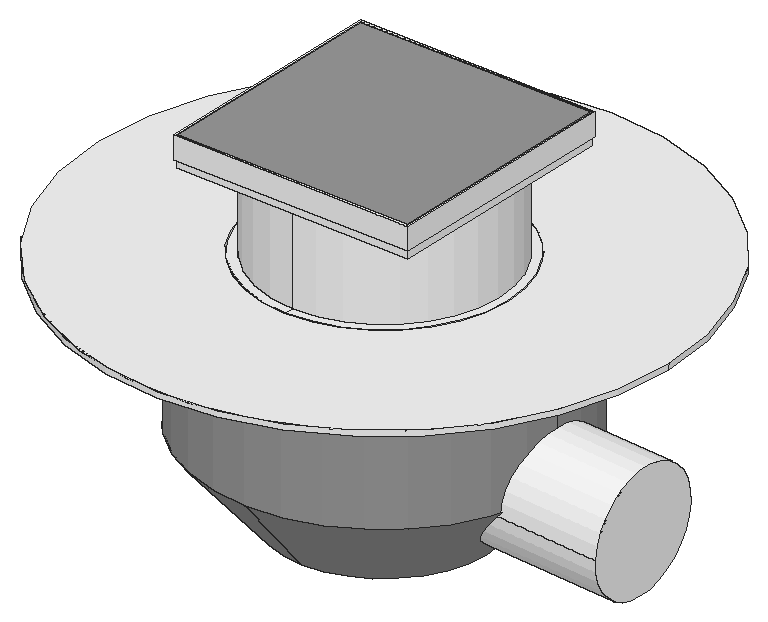
Revit family "HL_RU_Roof drain_HL64BP-B-221103", category Instalační zařizovací předměty, Revit 2021
Family settings
  Kóta kulaté spojky = Použít průměr
  Typ dílu = Normální
  Číslo OmniClass = 23.70.50.21.24.14
  Nadpis OmniClass = Deck Waste Water Drains
  Založené na pracovní rovině = Ne
  Vždy vertikální = Ano
  Ořezat dutým tvarem při načtení = Ne
  Sdílené = Ne
  Bod výpočtu místnosti = Ano
Parameters (values of type "HL_Кровельная воронка_HL64BP_7")
  РЕШЁТКА = "Edelstahl 137x137mm"
  РАЗМЕР = "DN75"
  ПРОПУСКНАЯ СПОСОБНОСТЬ [instance] = 0.0 L/s
  ПРОИЗВОДИТЕЛЬНОСТЬ = "3,7 l/s"
  ПРАВОВАЯ ИНФОРМАЦИЯ = "Авторские права(©), права на дизайн или какие либо другие права интелектуальной собственности являются исключительной собственностью компании HL Hutterer & Lechner. Изменению не подлежит. Файл семейства с данными о прозводителе изделия защищен паролем с водяным знаком."
  НОМИНАЛЬНЫЙ ДИАМЕТР = 75 mm
  НАСАДКА = "19-65mm/148x148mm"
  МАТЕРИАЛ = "PVC"
  МАКСИМАЛЬНАЯ НАГРУЗКА КЛАССА = "K - 300 kg"
  ВЕС = "1,75 [kg]"
  Výchozí výška = 0 mm
  Výrobce = "HL Hutterer & Lechner GmbH"  # constant formula
  URL = "http://www.hutterer-lechner.com/ru/products/catalog/roof-drains/HL64BP/7.aspx"
  Материал плитка [instance] = none
  Přípoj ventilace = no
  Přípoj odpadních dílů = yes
  Přípoj HW = no
  Přípoj CW = no
  Popis = "Кровельные воронки"
  Model = "HL64BP_7"
  Assembly Code = " "
  Komentáře k typům = "HL64BP/7 Кровельная воронка DN75 для эксплуатируемой кровли, горизонтальный выпуск, с ПВХ_фланцем,"
  Keynote = "HL64BP_7"
  EAN = "9003076031481"
  Bысота монтажа [instance] = 65 mm  # constant formula
  G [instance] = 90.00°  # constant formula
  D [instance] = if(НОМИНАЛЬНЫЙ ДИАМЕТР = 75 mm, 162.8 mm, 178 mm)  # 162.8 mm
  C [instance] = if(Bысота монтажа - 68 mm < 0 mm, 0 mm, Bысота монтажа - 68 mm)  # 0 mm
  B [instance] = Bысота монтажа + if(НОМИНАЛЬНЫЙ ДИАМЕТР = 75 mm, 109 mm, 92 mm)  # 174 mm
  A [instance] = if(B - 100 mm > 15 mm, B - 100 mm, 15 mm)  # 74 mm
Types (3, lengths in mm): name | РАЗМЕР | НОМИНАЛЬНЫЙ ДИАМЕТР | ВЕС | URL | Model | Komentáře k typům | Keynote | EAN | D | B | A
  (no name) | "DN110" | 110 | "1,34 [kg]" | "http://www.hutterer-lechner.com/ru/products/catalog/roof-drains/HL64BP/1.aspx" | "HL64BP_1" | "HL64BP/1 Кровельная воронка DN110 для эксплуатируемой кровли, горизонтальный выпуск, с ПВХ_фланцем," | "HL64BP_1" | "9003076031504" | 178 | 157 | 57
  HL_Кровельная воронка_HL64BP_1 | "DN110" | 110 | "1,34 [kg]" | "http://www.hutterer-lechner.com/ru/products/catalog/roof-drains/HL64BP/1.aspx" | "HL64BP_1" | "HL64BP/1 Кровельная воронка DN110 для эксплуатируемой кровли, горизонтальный выпуск, с ПВХ_фланцем," | "HL64BP_1" | "9003076031504" | 178 | 157 | 57
  HL_Кровельная воронка_HL64BP_7 | "DN75" | 75 | "1,75 [kg]" | "http://www.hutterer-lechner.com/ru/products/catalog/roof-drains/HL64BP/7.aspx" | "HL64BP_7" | "HL64BP/7 Кровельная воронка DN75 для эксплуатируемой кровли, горизонтальный выпуск, с ПВХ_фланцем," | "HL64BP_7" | "9003076031481" | 162.8 | 174 | 74
Reference planes
  plane 1 "Center (Front/Back)": y = 0
  plane 2: z = 0
  plane 3 "Center (Left/Right)": x = 0
  plane 4: z = -174
  plane 5: z = -65
Lines and regions (mm)
  model lines, style "InvisibleLines"
    curve 1: line (0, 0, 0) -> (0, 0, 20)
  model lines, style "PlumbingFixtures", detail levels coarse+medium
    curve 2: line (0, 0, -174) -> (0, 0, -100)
    curve 3: line (0, 0, -100) -> (-100, 0, 0)
    curve 4: line (0, 0, -100) -> (100, 0, 0)
    curve 6: line (0, 0, -174) -> (162.8, 0, -174)
  reference lines, not visible
    curve 5: line (0, 0, -174) -> (162.8, 0, -174)
  symbolic lines, style "PlumbingFixtures", detail levels coarse+medium
    curve 7: line (-75, 75, 0) -> (75, 75, 0)
    curve 8: line (-75, -75, 0) -> (-75, 75, 0)
    curve 9: line (75, -75, 0) -> (-75, -75, 0)
    curve 10: line (75, 75, 0) -> (75, -75, 0)
    curve 11: line (-75, 75, 0) -> (-145.711, 145.711, 0)
    curve 12: line (75, 75, 0) -> (145.711, 145.711, 0)
    curve 13: line (-75, -75, 0) -> (-145.711, -145.711, 0)
    curve 14: line (75, -75, 0) -> (145.711, -145.711, 0)
  symbolic lines, style "PlumbingFixtures", not visible, detail levels coarse+medium
    curve 15: line (-75, 75, 0) -> (75, 75, 0)
    curve 16: line (-75, -75, 0) -> (-75, 75, 0)
    curve 17: line (75, -75, 0) -> (-75, -75, 0)
    curve 18: line (75, 75, 0) -> (75, -75, 0)
    curve 19: line (-75, 75, 0) -> (-145.711, 145.711, 0)
    curve 20: line (75, 75, 0) -> (145.711, 145.711, 0)
    curve 21: line (-75, -75, 0) -> (-145.711, -145.711, 0)
    curve 22: line (75, -75, 0) -> (145.711, -145.711, 0)
Text (mm)
  text "FLOOR" at (-162.344, 0, -10.979), in view "Drain Construction View"
Dimensions and locks
  "B": plane 2 to plane 4
  "Bысота монтажа": plane 2 to plane 5
  "A": curve 4 to plane 4
  "D": curve 5 to curve 5
  "D": curve 6 to curve 6
  locked: plane 5 to nested 2 at 8
  locked: curve 4 to plane 3 "Center (Left/Right)" (angle 45.00°)
  locked: plane 3 "Center (Left/Right)" to curve 3 (angle 45.00°)
  "G": angle curve 5 to plane 3 "Center (Left/Right)"
  aligned and locked: level to plane 2
  aligned and locked: plane 2 to curve 4
  aligned and locked: plane 2 to curve 3
  aligned and locked: plane 4 to curve 5
  aligned and locked: plane 3 "Center (Left/Right)" to curve 5
  aligned and locked: plane 4 to curve 2
  aligned and locked: plane 3 "Center (Left/Right)" to curve 6
  aligned and locked: plane 4 to curve 6
  aligned and locked: plane 2 to nested 1
  aligned and locked: plane 3 "Center (Left/Right)" to nested 1
Automatic sketch dimensions
  curve 2 to plane 3 "Center (Left/Right)" = 0 mm
  curve 1 to plane 3 "Center (Left/Right)" = 0 mm
  curve 1 to level = 0 mm
  level to curve 1 = 20 mm
Nested families
  nested 1: "HL_Насадка_HL66.9S" at (0, 0, 0), Bысота монтажа <- "Bысота монтажа", type "HL_Grate frame_HL66.9S"
    with L 93 mm, IHmin 12 mm, IHmax 65 mm, Bысота монтажа 65 mm
  nested 2: "HL_кровельные воронки - корпус_HL64P" at (0, 0, -73), НОМИНАЛЬНЫЙ ДИАМЕТР <- "НОМИНАЛЬНЫЙ ДИАМЕТР", type "HL_кровельные воронки - корпус_HL64P"
    with НОМИНАЛЬНЫЙ ДИАМЕТР 75 mm, L 164 mm, B 101.3 mm, A 92.3 mm
Connectors
  piping at (162.8, 0, -174), diameter 75, driven by "ПРОПУСКНАЯ СПОСОБНОСТЬ", driven by "НОМИНАЛЬНЫЙ ДИАМЕТР"
    settings: on curve 5, index 1, connector inside diameter 609.6 mm, connector length 0 mm, flow factor 0, pipe flow 0.0 L/s, pressure drop 0.0 Pa, fitting loss kfactor 0, connector angle 0.00°, fixture units 0, engagement length 0 mm, angle of deflection 0.00°, flow configuration 1, flow direction 2, fitting loss method 0, system type 16, joint type 0, gender type 0, connector reference index -1, connector utility 0, adjustable connector yes, is connector primary yes, connector description ""
Definition of nested family "HL_Насадка_HL66.9S"
  Parameters (values of type "HL_Grate frame_HL66.9S")
    РЕШЁТКА = "Edelstahl 138x138mm"
    РАЗМЕР = "d 145 mm"
    ПРАВОВАЯ ИНФОРМАЦИЯ = "Авторские права(©), права на дизайн или какие либо другие права интелектуальной собственности являются исключительной собственностью компании HL Hutterer & Lechner. Изменению не подлежит. Файл семейства с данными о прозводителе изделия защищен паролем с водяным знаком."
    НАСАДКА = "147x147mm"
    МАТЕРИАЛ = "PP"
    МАКСИМАЛЬНАЯ НАГРУЗКА КЛАССА = "K - 300 kg"
    ВЫСОТА МОНТАЖА = "12-65mm"
    Материал плитка = none
    ВЕС = "0,345 [kg]"
    Default Elevation = 0 mm
    L [instance] = if(Bысота монтажа < IHmin, -100 mm, if(Bысота монтажа > IHmax, -100 mm, Bысота монтажа + 28 mm))  # 93 mm
    Manufacturer = "HL Hutterer & Lechner GmbH"
    URL = "http://www.hutterer-lechner.com/ru/products/catalog/roof-drains/HL66.9.aspx"
    Description = "Кровельные воронки"
    Model = "HL66.9"
    Type Comments = "HL66.9, Насадка d 145мм с бороздками/147х147мм/138х138мм"
    Keynote = "HL66.9"
    Bысота монтажа [instance] = 65 mm
    IHmin [instance] = 12 mm
    IHmax [instance] = 65 mm
    EAN = "9003076014606"
    Cost = 0
  Reference planes
    plane 1 "Střed (vpředu/vzadu)": y = 0
    plane 2: z = 0
    plane 3 "Střed (vlevo/vpravo)": x = 0
  Forms (mm)
    Revolve 1, solid, detail levels fine
      sketch origin (0, 0, 128) x (0, 1, 0) y (0, 0, 1)
        loop
          line (72.5, -142) -> (69.248, -142) -> (69.248, -221) -> (72.5, -221) -> (72.5, -142)
        axis (0, -142) -> (0, -221)
      angle from 0 to 360
    Extrusion 2, solid, detail levels fine
      sketch origin (-1.537, 0, -14.6) x (0, 1, 0) y (-1, 0, 0)
        loop
          line (74, 72.459) -> (-74, 72.459) -> (-74, -75.537) -> (74, -75.537) -> (74, 72.459)
        loop
          line (73, 71.463) -> (-73, 71.463) -> (-73, -74.537) -> (73, -74.537) -> (73, 71.463)
      from 0.6 to 14.6
    Extrusion 3, solid, detail levels fine
      sketch origin (-1.537, 0, -14) x (-1, 0, 0) y (0, 1, 0)
        loop
          line (71.463, 73) -> (-74.537, 73) -> (-74.537, -73) -> (71.463, -73) -> (71.463, 73)
        loop
          circle (-1.537, 0) r 72.5
      from 0 to 5
    Extrusion 4, solid, detail levels fine
      sketch origin (-1.537, 0, -14) x (-1, 0, 0) y (0, -1, 0)
        loop
          line (70.95, -72.397) -> (70.95, 72.463) -> (-74.05, 72.463) -> (-74.05, -72.397) -> (70.95, -72.397)
      from 0 to 14
    Revolve 5, solid, detail levels fine
      sketch origin (0, 75.989, -93) x (0, -1, 0) y (0, 0, -1)
        loop
          line (3.489, -20) -> (3.489, 0) -> (0.186, 0) -> (-2.325, -2.511) -> (-2.325, -20) -> (3.489, -20)
        axis (75.989, -20) -> (75.989, 0)
      angle from 0 to 360
  Lines and regions (mm)
    model lines, detail levels fine
      curve 1: line (36.25, 24.325, 0) -> (36.25, -24.42, 0)
      curve 2: line (43.75, -24.42, 0) -> (43.75, 24.325, 0)
      curve 3: line (52.25, 40.306, 0) -> (52.25, -40.355, 0)
      curve 4: line (59.75, -40.355, 0) -> (59.75, 40.306, 0)
      curve 5: line (20.25, 8.588, 0) -> (20.25, -8.684, 0)
      curve 6: line (27.75, -8.684, 0) -> (27.75, 8.588, 0)
      curve 7: arc (27.75, 8.588, 0) -> (24, 12.338, 0) -> (20.25, 8.588, 0) r 3.75
      curve 8: arc (20.25, -8.684, 0) -> (24, -12.434, 0) -> (27.75, -8.684, 0) r 3.75
      curve 9: arc (36.25, -24.42, 0) -> (40, -28.17, 0) -> (43.75, -24.42, 0) r 3.75
      curve 10: arc (43.75, 24.325, 0) -> (40, 28.075, 0) -> (36.25, 24.325, 0) r 3.75
      curve 11: arc (59.75, 40.306, 0) -> (56, 44.056, 0) -> (52.25, 40.306, 0) r 3.75
      curve 12: arc (52.25, -40.355, 0) -> (56, -44.105, 0) -> (59.75, -40.355, 0) r 3.75
      curve 13: line (-24.325, -36.25, 0) -> (24.42, -36.25, 0)
      curve 14: line (24.42, -43.75, 0) -> (-24.325, -43.75, 0)
      curve 15: line (-40.306, -52.25, 0) -> (40.355, -52.25, 0)
      curve 16: line (40.355, -59.75, 0) -> (-40.306, -59.75, 0)
      curve 17: line (-8.588, -20.25, 0) -> (8.684, -20.25, 0)
      curve 18: line (8.684, -27.75, 0) -> (-8.588, -27.75, 0)
      curve 19: arc (-8.588, -27.75, 0) -> (-12.338, -24, 0) -> (-8.588, -20.25, 0) r 3.75
      curve 20: arc (8.684, -20.25, 0) -> (12.434, -24, 0) -> (8.684, -27.75, 0) r 3.75
      curve 21: arc (24.42, -36.25, 0) -> (28.17, -40, 0) -> (24.42, -43.75, 0) r 3.75
      curve 22: arc (-24.325, -43.75, 0) -> (-28.075, -40, 0) -> (-24.325, -36.25, 0) r 3.75
      curve 23: arc (-40.306, -59.75, 0) -> (-44.056, -56, 0) -> (-40.306, -52.25, 0) r 3.75
      curve 24: arc (40.355, -52.25, 0) -> (44.105, -56, 0) -> (40.355, -59.75, 0) r 3.75
      curve 25: line (36.25, -24.42, 0) -> (36.25, 24.325, 0)
      curve 26: line (43.75, 24.325, 0) -> (43.75, -24.42, 0)
      curve 27: line (52.25, -40.355, 0) -> (52.25, 40.306, 0)
      curve 28: line (59.75, 40.306, 0) -> (59.75, -40.355, 0)
      curve 29: line (20.25, -8.684, 0) -> (20.25, 8.588, 0)
      curve 30: line (27.75, 8.588, 0) -> (27.75, -8.684, 0)
      curve 31: arc (27.75, -8.588, 0) -> (24, -12.338, 0) -> (20.25, -8.588, 0) r 3.75
      curve 32: arc (20.25, 8.684, 0) -> (24, 12.434, 0) -> (27.75, 8.684, 0) r 3.75
      curve 33: arc (36.25, 24.42, 0) -> (40, 28.17, 0) -> (43.75, 24.42, 0) r 3.75
      curve 34: arc (43.75, -24.325, 0) -> (40, -28.075, 0) -> (36.25, -24.325, 0) r 3.75
      curve 35: arc (59.75, -40.306, 0) -> (56, -44.056, 0) -> (52.25, -40.306, 0) r 3.75
      curve 36: arc (52.25, 40.355, 0) -> (56, 44.105, 0) -> (59.75, 40.355, 0) r 3.75
      curve 37: line (24.42, -36.25, 0) -> (-24.325, -36.25, 0)
      curve 38: line (-24.325, -43.75, 0) -> (24.42, -43.75, 0)
      curve 39: line (40.355, -52.25, 0) -> (-40.306, -52.25, 0)
      curve 40: line (-40.306, -59.75, 0) -> (40.355, -59.75, 0)
      curve 41: line (8.684, -20.25, 0) -> (-8.588, -20.25, 0)
      curve 42: line (-8.588, -27.75, 0) -> (8.684, -27.75, 0)
      curve 43: arc (8.588, -27.75, 0) -> (12.338, -24, 0) -> (8.588, -20.25, 0) r 3.75
      curve 44: arc (-8.684, -20.25, 0) -> (-12.434, -24, 0) -> (-8.684, -27.75, 0) r 3.75
      curve 45: arc (-24.42, -36.25, 0) -> (-28.17, -40, 0) -> (-24.42, -43.75, 0) r 3.75
      curve 46: arc (24.325, -43.75, 0) -> (28.075, -40, 0) -> (24.325, -36.25, 0) r 3.75
      curve 47: arc (40.306, -59.75, 0) -> (44.056, -56, 0) -> (40.306, -52.25, 0) r 3.75
      curve 48: arc (-40.355, -52.25, 0) -> (-44.105, -56, 0) -> (-40.355, -59.75, 0) r 3.75
      curve 49: line (-36.25, 24.325, 0) -> (-36.25, -24.325, 0)
      curve 50: line (-43.75, -24.325, 0) -> (-43.75, 24.325, 0)
      curve 51: line (-52.25, 40.306, 0) -> (-52.25, -40.306, 0)
      curve 52: line (-59.75, -40.306, 0) -> (-59.75, 40.306, 0)
      curve 53: line (-20.25, 8.588, 0) -> (-20.25, -8.588, 0)
      curve 54: line (-27.75, -8.684, 0) -> (-27.75, 8.588, 0)
      curve 55: arc (-27.75, 8.588, 0) -> (-24, 12.338, 0) -> (-20.25, 8.588, 0) r 3.75
      curve 56: arc (-20.25, -8.684, 0) -> (-24, -12.434, 0) -> (-27.75, -8.684, 0) r 3.75
      curve 57: arc (-43.75, 24.325, 0) -> (-40, 28.075, 0) -> (-36.25, 24.325, 0) r 3.75
      curve 58: arc (-59.75, 40.306, 0) -> (-56, 44.056, 0) -> (-52.25, 40.306, 0) r 3.75
      curve 59: line (-36.25, -24.325, 0) -> (-36.25, 24.325, 0)
      curve 60: line (-43.75, 24.325, 0) -> (-43.75, -24.325, 0)
      curve 61: line (-52.25, -40.306, 0) -> (-52.25, 40.306, 0)
      curve 62: line (-59.75, 40.306, 0) -> (-59.75, -40.306, 0)
      curve 63: line (-20.25, -8.588, 0) -> (-20.25, 8.588, 0)
      curve 64: line (-27.75, 8.588, 0) -> (-27.75, -8.684, 0)
      curve 65: arc (-27.75, -8.588, 0) -> (-24, -12.338, 0) -> (-20.25, -8.588, 0) r 3.75
      curve 66: arc (-20.25, 8.684, 0) -> (-24, 12.434, 0) -> (-27.75, 8.684, 0) r 3.75
      curve 67: arc (-36.25, 24.42, 0) -> (-40, 28.17, 0) -> (-43.75, 24.42, 0) r 3.75
      curve 68: arc (-43.75, -24.325, 0) -> (-40, -28.075, 0) -> (-36.25, -24.325, 0) r 3.75
      curve 69: arc (-59.75, -40.306, 0) -> (-56, -44.056, 0) -> (-52.25, -40.306, 0) r 3.75
      curve 70: arc (-52.25, 40.355, 0) -> (-56, 44.105, 0) -> (-59.75, 40.355, 0) r 3.75
      curve 71: line (-24.42, 36.25, 0) -> (24.325, 36.25, 0)
      curve 72: line (24.42, 43.75, 0) -> (-24.42, 43.75, 0)
      curve 73: line (-40.355, 52.25, 0) -> (40.306, 52.25, 0)
      curve 74: line (40.306, 59.75, 0) -> (-40.355, 59.75, 0)
      curve 75: line (-8.588, 20.25, 0) -> (8.588, 20.25, 0)
      curve 76: line (8.684, 27.75, 0) -> (-8.588, 27.75, 0)
      curve 77: arc (-8.588, 27.75, 0) -> (-12.338, 24, 0) -> (-8.588, 20.25, 0) r 3.75
      curve 78: arc (8.684, 20.25, 0) -> (12.434, 24, 0) -> (8.684, 27.75, 0) r 3.75
      curve 79: arc (24.42, 36.25, 0) -> (28.17, 40, 0) -> (24.42, 43.75, 0) r 3.75
      curve 80: line (24.325, 36.25, 0) -> (-24.42, 36.25, 0)
      curve 81: line (-24.42, 43.75, 0) -> (24.42, 43.75, 0)
      curve 82: line (40.306, 52.25, 0) -> (-40.355, 52.25, 0)
      curve 83: line (-40.355, 59.75, 0) -> (40.306, 59.75, 0)
      curve 84: line (8.588, 20.25, 0) -> (-8.588, 20.25, 0)
      curve 85: line (-8.588, 27.75, 0) -> (8.684, 27.75, 0)
      curve 86: arc (8.588, 27.75, 0) -> (12.338, 24, 0) -> (8.588, 20.25, 0) r 3.75
      curve 87: arc (-8.684, 20.25, 0) -> (-12.434, 24, 0) -> (-8.684, 27.75, 0) r 3.75
      curve 88: arc (-24.42, 36.25, 0) -> (-28.17, 40, 0) -> (-24.42, 43.75, 0) r 3.75
      curve 89: arc (24.325, 43.75, 0) -> (28.075, 40, 0) -> (24.325, 36.25, 0) r 3.75
      curve 90: arc (40.306, 59.75, 0) -> (44.056, 56, 0) -> (40.306, 52.25, 0) r 3.75
      curve 91: arc (-40.355, 52.25, 0) -> (-44.105, 56, 0) -> (-40.355, 59.75, 0) r 3.75
    reference lines
      curve 92: line (0, 75.989, -93) -> (0, -174.011, -93)
  Dimensions and locks
    Extrusion 2 sketch curve to Extrusion 2 sketch curve = 147.996 mm
    Extrusion 2 sketch curve to Extrusion 2 sketch curve = 148 mm
    "L": curve 92 to plane 2
    aligned and locked: level to plane 2
    aligned and locked: Revolve 1 to curve 92
  Automatic sketch dimensions
    plane 1 "Střed (vpředu/vzadu)" to Extrusion 2 sketch curve = 74 mm
    Extrusion 2 sketch curve to Extrusion 2 sketch curve = 1 mm  (x3)
    plane 3 "Střed (vlevo/vpravo)" to Extrusion 2 sketch curve = 74 mm
    Extrusion 2 sketch curve to Extrusion 2 sketch curve = 0.996 mm
    Extrusion 3 sketch curve to Extrusion 2 = 0 mm  (x4)
    Extrusion 3 sketch curve to Extrusion 2 = 73 mm  (x2)
    Extrusion 2 to curve 16 = 13.25 mm
    curve 24 to curve 47 = 3.75 mm
    curve 47 to curve 24 = 0 mm
    curve 48 to curve 23 = 0 mm  (x2)
    curve 23 to curve 38 = 8.5 mm
    curve 24 to curve 12 = 11.895 mm
    curve 12 to curve 35 = 0.048 mm
    curve 15 to curve 69 = 11.944 mm
    curve 22 to curve 45 = 3.75 mm
    curve 21 to curve 46 = 3.75 mm
    curve 46 to curve 21 = 0 mm
    curve 22 to curve 18 = 8.5 mm
    curve 21 to curve 9 = 11.83 mm
    curve 13 to curve 49 = 11.925 mm
    curve 9 to curve 34 = 0.095 mm
    curve 18 to curve 19 = 3.75 mm
    curve 44 to curve 19 = 0 mm  (x2)
    curve 43 to curve 20 = 0 mm
    curve 20 to curve 5 = 11.566 mm
    curve 49 to curve 64 = 15.642 mm
    curve 8 to curve 31 = 0.095 mm
    curve 56 to curve 53 = 0.095 mm
    curve 65 to curve 64 = 17.177 mm
    curve 31 to curve 29 = 17.177 mm
    curve 7 to curve 32 = 0.095 mm
    curve 55 to curve 66 = 0.095 mm
    curve 32 to curve 84 = 11.566 mm
    curve 86 to curve 78 = 3.75 mm
    curve 86 to curve 78 = 0 mm
    curve 77 to curve 87 = 3.75 mm
    curve 87 to curve 77 = 0 mm  (x2)
    curve 66 to curve 60 = 15.642 mm
    curve 32 to curve 26 = 15.642 mm
    curve 10 to curve 33 = 0.095 mm
    curve 57 to curve 67 = 0.095 mm
    curve 33 to curve 71 = 11.83 mm
    curve 89 to curve 89 = 3.75 mm
    curve 88 to curve 88 = 3.75 mm
    curve 89 to curve 79 = 0 mm
    curve 33 to curve 11 = 15.886 mm
    curve 67 to curve 51 = 15.886 mm
    curve 58 to curve 70 = 0.048 mm
    curve 11 to curve 36 = 0.048 mm
    curve 70 to curve 73 = 11.895 mm
    curve 90 to curve 90 = 3.75 mm
    Extrusion 2 to curve 28 = 13.25 mm
    curve 4 to curve 11 = 3.75 mm
    curve 35 to curve 12 = 0 mm
    curve 36 to curve 11 = 0 mm
    curve 3 to curve 2 = 8.5 mm
    curve 3 to curve 39 = 11.895 mm
    curve 11 to curve 83 = 11.944 mm
    curve 24 to curve 47 = 0.048 mm
    curve 26 to curve 9 = 3.75 mm
    curve 33 to curve 10 = 0 mm
    curve 34 to curve 9 = 0 mm
    curve 34 to curve 30 = 8.5 mm
    curve 90 to curve 72 = 15.886 mm
    curve 1 to curve 21 = 11.83 mm
    curve 79 to curve 80 = 0.095 mm
    curve 21 to curve 46 = 0.095 mm
    curve 6 to curve 32 = 3.75 mm
    curve 6 to curve 8 = 3.75 mm
    curve 31 to curve 8 = 0 mm
    curve 29 to curve 17 = 11.566 mm
    curve 7 to curve 78 = 11.566 mm
    curve 78 to curve 86 = 0.095 mm
    curve 20 to curve 43 = 0.095 mm
    curve 43 to curve 41 = 17.177 mm
    curve 86 to curve 77 = 17.177 mm
    curve 19 to curve 44 = 0.095 mm
    curve 77 to curve 87 = 0.095 mm
    curve 87 to curve 53 = 11.566 mm
    curve 53 to curve 66 = 3.75 mm
    curve 55 to curve 66 = 0 mm
    curve 56 to curve 54 = 3.75 mm
    curve 65 to curve 56 = 0 mm
    curve 44 to curve 14 = 15.642 mm
    curve 22 to curve 45 = 0.095 mm
    curve 87 to curve 72 = 15.736 mm
    curve 45 to curve 59 = 11.83 mm
    curve 57 to curve 67 = 3.75 mm
    curve 68 to curve 68 = 3.75 mm
    curve 45 to curve 15 = 15.886 mm
    curve 23 to curve 48 = 0.048 mm
    curve 72 to curve 74 = 15.935 mm
    curve 91 to curve 51 = 11.895 mm
    curve 51 to curve 70 = 3.75 mm
    curve 51 to curve 69 = 3.75 mm
    curve 45 to curve 22 = 0 mm
    curve 36 to curve 28 = 0 mm
    curve 33 to curve 2 = 0 mm
    curve 32 to curve 30 = 0 mm
    curve 66 to curve 55 = 0 mm
    curve 67 to curve 57 = 0 mm
    curve 70 to curve 51 = 0 mm
    Extrusion 4 sketch curve to Extrusion 3 = 0.487 mm
    Extrusion 4 sketch curve to Extrusion 3 = 0.513 mm
    Extrusion 4 sketch curve to Extrusion 3 = 0.603 mm
    Extrusion 4 sketch curve to Extrusion 3 = 0.537 mm
    Revolve 1 sketch curve to plane 1 "Střed (vpředu/vzadu)" = 0 mm
    Revolve 1 sketch curve to level = 14 mm
    Revolve 1 sketch curve to plane 1 "Střed (vpředu/vzadu)" = 69.248 mm
    Revolve 1 sketch curve to Revolve 1 sketch curve = 3.252 mm
    Revolve 1 sketch curve to Revolve 1 sketch curve = 79 mm
    Revolve 1 sketch curve to Revolve 1 sketch curve = 17.5 mm
    level to Revolve 1 sketch curve = 144.5 mm
    Revolve 5 sketch curve to curve 92 = 0 mm
    Revolve 5 sketch curve to curve 92 = 2.325 mm
    curve 92 to Revolve 5 sketch curve = 0.186 mm
    curve 92 to Revolve 5 sketch curve = 3.489 mm
    Revolve 5 sketch curve to curve 92 = 2.511 mm
    Revolve 5 sketch curve to curve 92 = 20 mm
    curve 92 to Revolve 5 sketch curve = 75.989 mm
    Revolve 5 sketch curve to curve 92 = 393 mm
    curve 92 to Revolve 5 sketch curve = 207 mm
    plane 1 "Střed (vpředu/vzadu)" to curve 92 = 174.011 mm
    curve 92 to plane 1 "Střed (vpředu/vzadu)" = 75.989 mm
    radius of Extrusion 3 sketch curve = 72.5 mm
Definition of nested family "HL_кровельные воронки - корпус_HL64P"
  Parameters (values of type "HL_кровельные воронки - корпус_HL64P")
    НОМИНАЛЬНЫЙ ДИАМЕТР [instance] = 110 mm
    Default Elevation = 0 mm
    Manufacturer = ""
    URL = ""
    Description = ""
    Model = ""
    L [instance] = if(НОМИНАЛЬНЫЙ ДИАМЕТР = 75 mm, 164 mm, 178 mm)  # 178 mm
    Type Comments = ""
    Cost = 0
    B [instance] = if(НОМИНАЛЬНЫЙ ДИАМЕТР = 75 mm, 101.3 mm, 84 mm)  # 84 mm
    A [instance] = if(НОМИНАЛЬНЫЙ ДИАМЕТР = 75 mm, 92.3 mm, 75 mm)  # 75 mm
  Reference planes
    plane 1 "Střed (vpředu/vzadu)": y = 0
    plane 2: z = 0
    plane 3 "Střed (vlevo/vpravo)": x = 0
  Forms (mm)
    Extrusion 1, solid, detail levels fine
      sketch origin (0, 0, 0) x (1, 0, 0) y (0, 1, 0)
        loop
          circle (0, 0) r 180
        loop
          circle (0, 0) r 78.913
      from 0 to -3.5
    Extrusion 2, solid, detail levels fine
      sketch origin (0, 0, -3.5) x (0, 1, 0) y (1, 0, 0)
        loop
          circle (0, 0) r 140
      from 0 to 18
    Extrusion 3, solid, detail levels fine
      sketch origin (0, 0, -21.5) x (-1, 0, 0) y (0, 1, 0)
        loop
          circle (0, 0) r 110
      from 0 to 73.906
    Blend 4, solid, detail levels fine
      base sketch origin (0, 0, -95.406) x (0, -1, 0) y (1, 0, 0)
        loop
          circle (0, 0) r 110
      top sketch origin (0, 0, -95.406) x (0, -1, 0) y (1, 0, 0)
        loop
          circle (0, 0) r 65
      from 0 to -53
    Revolve 5, void
      sketch origin (0, 0, 0) x (1, 0, 0) y (0, 0, 1)
        loop
          line (-78.913, 0) -> (-78.913, -16.281) -> (-74.694, -23.588) -> (-74.694, -24.914) -> (-75.511, -24.914) -> (-75.511, -30.304) -> (-64.679, -30.304) -> (-64.679, -32.804) -> (0, -32.804) -> (0, 0) -> (-78.913, 0)
        axis (0, 0) -> (0, -32.804)
      angle from 0 to 360
    Extrusion 6, solid, detail levels fine
      sketch origin (178.231, 0, -84) x (0, -1, 0) y (-0.050432, 0, -0.998727)
        loop
          circle (0, 0.078) r 55
      from -0.458 to -104.708
  Cuts and joins
    Revolve 5 cuts Extrusion 1
    Revolve 5 cuts Extrusion 2
    Revolve 5 cuts Extrusion 3
  Lines and regions (mm)
    reference lines
      curve 1: line (0, 0, -75) -> (178.231, 0, -84)
  Dimensions and locks
    "B": plane 2 to curve 1
    "L": Extrusion 6 to curve 1
    "A": plane 2 to curve 1
    "НОМИНАЛЬНЫЙ ДИАМЕТР": diameter of Extrusion 6 sketch curve
    aligned and locked: level to plane 2
  Automatic sketch dimensions
    Extrusion 1 sketch curve to Extrusion 1 sketch curve = 0 mm  (x2)
    plane 1 "Střed (vpředu/vzadu)" to Extrusion 1 sketch curve = 0 mm
    Extrusion 1 sketch curve to plane 3 "Střed (vlevo/vpravo)" = 0 mm
    Revolve 5 sketch curve to level = 0 mm
    Revolve 5 sketch curve to plane 3 "Střed (vlevo/vpravo)" = 0 mm  (x2)
    Revolve 5 sketch curve to level = 30.304 mm
    Revolve 5 sketch curve to plane 3 "Střed (vlevo/vpravo)" = 64.679 mm
    Revolve 5 sketch curve to level = 23.588 mm
    Revolve 5 sketch curve to Revolve 5 sketch curve = 10.016 mm
    Revolve 5 sketch curve to Revolve 5 sketch curve = 0.817 mm
    Revolve 5 sketch curve to Revolve 5 sketch curve = 4.218 mm
    Revolve 5 sketch curve to Revolve 5 sketch curve = 32.804 mm
    Revolve 5 sketch curve to Revolve 5 sketch curve = 1.326 mm
    Revolve 5 sketch curve to Revolve 5 sketch curve = 7.307 mm
    level to Revolve 5 sketch curve = 25 mm
    Revolve 5 sketch curve to Revolve 5 sketch curve = 50 mm
    curve 1 to plane 3 "Střed (vlevo/vpravo)" = 0 mm
    plane 3 "Střed (vlevo/vpravo)" to curve 1 = 178.231 mm
    Extrusion 6 sketch curve to plane 1 "Střed (vpředu/vzadu)" = 0 mm
    radius of Extrusion 1 sketch curve = 180 mm
    radius of Extrusion 1 sketch curve = 78.913 mm
    radius of Extrusion 2 sketch curve to Extrusion 1 = 40 mm
    radius of Extrusion 3 sketch curve to Extrusion 2 = 30 mm
    radius of Blend 4 sketch curve to Extrusion 3 = 0 mm
    radius of Blend 4 sketch curve to Extrusion 3 = 45 mm
